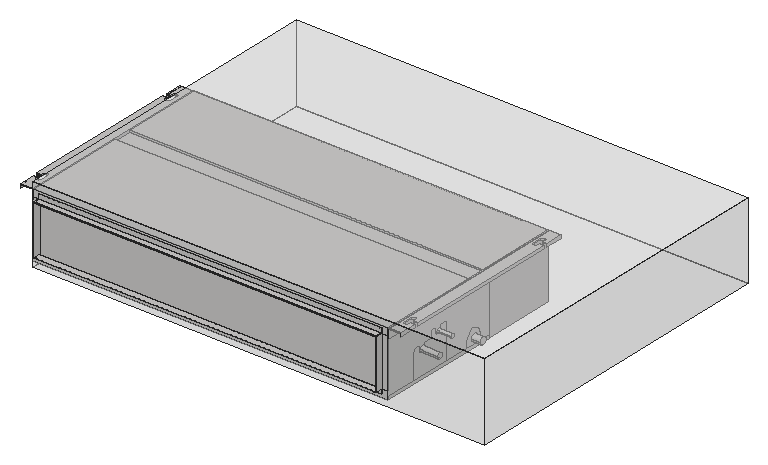
Revit family "outputfile", category 機械設備, Revit 2024
Family settings
  丸型コネクタ寸法 = 半径を使用
  パーツ タイプ = 標準
  OmniClass 番号 = 23.75.10.24.21.27.27
  OmniClass タイトル = Split System Air Conditioning Units
  作業面ベース = いいえ
  常に垂直 = はい
  ロード時にボイドで切り取り = いいえ
  注釈の向きを維持 = いいえ
  共有 = いいえ
  部屋計算ポイント = はい
Parameters (values of type "FDF18BV2S")
  Description = ""
  書き出し IFC クラス(タイプ) = "IfcUnitaryEquipmentType"
  定義済み IFC タイプ(タイプ) = "AIRCONDITIONINGUNIT"
  Cost = 0
  Type Comments = ""
  Keynote = ""
  Type Image = (empty or 0)
  Assembly Code = ""
  switch_frequency = yes
  ld_powersupply = Depth / 2  # 310.0 mm
  製造元 = "Daikin"
  モデル = "FDF18BV2S"
  r_Liquid Pipe Size = Liquid Pipe Size / 2  # 4.75 mm
  r_Gas Pipe Size = Gas Pipe Size / 2  # 7.95 mm
  r_Drain Pipe Size = Drain Pipe Size / 2  # 10.0 mm
  lw_powersupply = 50.0 mm  # constant formula
  lw_ductflange2 = 1020.0 mm
  lw_Width = 1060.0 mm
  lh_suctionflange [instance] = 100.0 mm  # constant formula
  ld_suctionflange [instance] = if(Rear Connection_Return Air, 190.0 mm, 100.0 mm)  # 190.0 mm
  connector_voltage = Voltage_50Hz  # 220 V
  connector_powerinput = [Power Input (Cooling)]  # 0.000 kW
  connector_phase = Phase_50Hz  # 1
  angle_vertical_RA [instance] = if(Rear Connection_Return Air, 90.00°, 0.00°)  # 90.00°
  angle horizontal_RA [instance] = if(Rear Connection_Return Air, 180.00°, 270.00°)  # 180.00°
  Voltage_comment_50Hz = "220 - 240"
  Voltage_50Hz = 220 V
  URL = ""
  Supply Air Direction [instance] = yes
  Sound Power Level_H speed (dB) = 0
  Rear Connection_Return Air [instance] = not(Bottom Connection_Return Air)  # yes
  RA_length [instance] = if(Rear Connection_Return Air, 190.0 mm, 100.0 mm)  # 190.0 mm
  Phase_50Hz = 1
  Minimum External Static Pressure = 0.00 Pa
  Minimum Circuit Amps_50Hz = 0.0 A
  Maximum Fuse Amps_50Hz = 0.0 A
  Maximum External Static Pressure = 40.00 Pa
  Material_Casing = DAIKIN_GalvanizedSteel_Casing_indoorunit
  lw_liquidpipe = 46.0 mm  # constant formula
  lw_gaspipe = 57.0 mm  # constant formula
  lw_mountinghole = 1140.0 mm
  lw_drainpipe = 30.0 mm  # constant formula
  lh_powersupply = 150.0 mm  # constant formula
  lh_liquidpipe = 90.0 mm  # constant formula
  lh_gaspipe = 113.0 mm  # constant formula
  lh_mountinghole = Height  # 200.0 mm
  lh_drainpipe = 170.0 mm  # constant formula
  lh_antena = 1.0 mm  # constant formula
  ld_liquidpipe = 193.0 mm  # constant formula
  ld_gaspipe = 130.0 mm  # constant formula
  ld_mountinghole = 500.0 mm  # constant formula
  ld_drainpipe = 330.0 mm  # constant formula
  ld_controlbox = 626.0 mm  # constant formula
  h*** = 0.0 mm  # constant formula
  d_dischargeflange = 21.2 mm  # constant formula
  Width = 1100.0 mm
  Version = "ver.1.0"
  Unit Type = "L.S.P. Duct"
  Unit Mass Weight = 30.00 kg
  Unit Designation [instance] = ""
  Uniclass2015Version = "Products v1.30"
  Uniclass2015Title = "Split coil room air conditioning units"
  Uniclass2015Code = "Pr_70_65_03_86"
  Total Cooling Capacity [instance] = 0.000 kW
  Sound Pressure Level_M speed (dBA) = 0
  Sound Pressure Level_L speed (dBA) = 34
  Sound Pressure Level_H speed (dBA) = 38
  Series = "SkyAir_Fan Coil Unit"
  Sensible Cooling Capacity [instance] = 0.000 kW
  SA Duct Size Width = 1060.0 mm
  SA Duct Size Height = 153.0 mm
  Refrigerant Type = "R32"
  RA Duct Size Width = 980.0 mm
  RA Duct Size Height = 160.0 mm
  Power Input (Cooling) = 0.000 kW
  Option Accessory 3 [instance] = ""
  Option Accessory 2 [instance] = ""
  Option Accessory 1 [instance] = ""
  Nominal Cooling Capacity = 5.300 kW
  Minimum Airflow = 810.00 m³/h
  Median Airflow = 0.00 m³/h
  Maximum Airflow = 960.00 m³/h
  Load Classification = HVAC
  Liquid Pipe Size = 9.5 mm
  Link_Nested Family [instance] = ""
  IfcVersion = ""
  IfcExportType = "AIRCONDITIONINGUNIT"
  IfcExportAs = "IfcUnitaryEquipmentType"
  Height = 200.0 mm
  Heat Exchanger Type = "Cross Fin Coil"
  Gas Pipe Size = 15.9 mm
  Frequency_50Hz = 50 Hz
  Fan Type = "Sirocco Fan"
  Fan Drive = "Direct Drive"
  FCU Tag No. [instance] = ""
  Drain Pipe Size = 20.0 mm
  Design Supply Airflow [instance] = 0.00 m³/h
  Design Return Airflow [instance] = 0.00 m³/h
  Design External Static Pressure [instance] = 0.00 Pa
  Depth = 620.0 mm
  既定の高さ = 0.0 mm
  Cooling Entering Wet Bulb Temperature [instance] = 0.00 °C
  Cooling Entering Dry Bulb Temperature [instance] = 0.00 °C
  Cooling Ambient Wet Bulb Temperature [instance] = 0.00 °C
  Cooling Ambient Dry Bulb Temperature [instance] = 0.00 °C
  Clearance visibility [instance] = yes
  Clearance Top = 20.0 mm
  Clearance Right = 300.0 mm
  Clearance Rear = 400.0 mm
  Clearance Left = 0.0 mm
  Clearance Front = 0.0 mm
  Clearance Bottom = 20.0 mm
  Bottom Connection_Return Air [instance] = no
Reference planes
  plane 1 "Center (Front/Back)": y = 0
  plane 2: z = 0
  plane 3 "Center (Left/Right)": x = 0
  plane 4 "Back": y = 310
  plane 5 "Front": y = -310
  plane 6 "Left": x = -550
  plane 7 "Right": x = 550
  plane 8 "Top": z = 0
  plane 9 "Bottom": z = -200
  plane 10: x = -570
  plane 11: x = 570
  plane 12: y = 250
  plane 13: z = 0
  plane 14 "Clearance Left": x = -550
  plane 15 "Clearance Right": x = 850
  plane 16 "Clearance Rear": y = 710
  plane 17 "Clearance Front": y = -310
  plane 18 "Clearance Top": z = 20
  plane 19 "Clearance Bottom": z = -220
  plane 20: y = -250
  plane 21: z = -21
  plane 22: z = -97.5
  plane 23: x = -40
  plane 24: y = 120
  plane 25: z = -100
  plane 26: y = -180
  plane 27: z = -113
  plane 28: y = -117
  plane 29: z = -90
  plane 30: y = 20
  plane 31: z = -170
  plane 32: x = 607
  plane 33: x = 596
  plane 34: x = 580
  plane 35: x = 500
  plane 36: z = -150
Forms (mm)
  Extrusion 1, solid, material "DAIKIN_GalvanizedSteel_Casing_indoorunit" <- "Material_Casing"
    sketch origin (0, 0, 0) x (1, 0, 0) y (0, 1, 0)
      loop
        line (-550, -310) -> (550, -310) -> (550, 310) -> (-550, 310) -> (-550, -310)
    from -200 to 0
  Extrusion 2, void
    sketch origin (0, 0, 1) x (1, 0, 0) y (0, 1, 0)
      loop
        line (-550, 61.5) -> (-550, 3.5) -> (550, 3.5) -> (550, 61.5) -> (-550, 61.5)
    from -1 to -7
  Extrusion 3, solid, material "DAIKIN_GalvanizedSteel_Casing_indoorunit" <- "Material_Casing", visible <- "Bottom Connection_Return Air"
    sketch origin (0, 0, 0) x (1, 0, 0) y (0, 0, 1)
      loop
        line (469, -200) -> (469, -1) -> (-549, -1) -> (-549, -200) -> (469, -200)
    from -310 to -309
  Extrusion 4, solid, material "DAIKIN_GalvanizedSteel_Casing_indoorunit" <- "Material_Casing", visible <- "Rear Connection_Return Air"
    sketch origin (0, 0, 0) x (1, 0, 0) y (0, 1, 0)
      loop
        line (-549, 310) -> (-549, 111) -> (469, 111) -> (469, 310) -> (-549, 310)
    from -200 to -199
  Extrusion 5, solid, material "DAIKIN_GalvanizedSteel_Casing_indoorunit" <- "Material_Casing"
    sketch origin (550, 0, 0) x (0, 1, 0) y (0, 0, 1)
      loop
        circle (-180, -113) r 7.95
    from 0 to 57
  Extrusion 6, solid, material "DAIKIN_GalvanizedSteel_Casing_indoorunit" <- "Material_Casing"
    sketch origin (550, 0, 0) x (0, 1, 0) y (0, 0, 1)
      loop
        circle (-117, -90) r 4.75
    from 0 to 46
  Extrusion 7, solid, material "DAIKIN_GalvanizedSteel_Casing_indoorunit" <- "Material_Casing"
    sketch origin (550, 0, 0) x (0, 1, 0) y (0, 0, 1)
      loop
        circle (20, -170) r 10
    from 0 to 30
  Extrusion 8, solid, material "DAIKIN_GalvanizedSteel_Casing_indoorunit" <- "Material_Casing"
    sketch origin (550, 0, 0) x (0, 1, 0) y (0, 0, 1)
      loop
        line (-310, -200) -> (78.6, -200) -> (78.6, -193)
        arc (78.6, -193) -> (77.721, -190.879) -> (75.6, -190) r 3
        line (75.6, -190) -> (-310, -190) -> (-310, -200)
    from 0 to -1
  Extrusion 9, solid, material "DAIKIN_GalvanizedSteel_Casing_indoorunit" <- "Material_Casing"
    sketch origin (550, 0, 0) x (0, 1, 0) y (0, 0, 1)
      loop
        line (-210, -190) -> (-85.6, -190) -> (-85.6, -83)
        arc (-85.6, -83) -> (-86.479, -80.879) -> (-88.6, -80) r 3
        line (-88.6, -80) -> (-102, -80)
        arc (-102, -80) -> (-104.121, -80.879) -> (-105, -83) r 3
        line (-105, -83) -> (-105, -90)
        arc (-105, -90) -> (-117, -102) -> (-129, -90) r 12
        line (-129, -90) -> (-129, -83)
        arc (-129, -83) -> (-129.879, -80.879) -> (-132, -80) r 3
        line (-132, -80) -> (-136.1, -80)
        arc (-136.1, -80) -> (-138.221, -80.879) -> (-139.1, -83) r 3
        line (-139.1, -83) -> (-139.1, -102.7) -> (-165, -102.7)
        arc (-165, -102.7) -> (-167.121, -103.579) -> (-168, -105.7) r 3
        line (-168, -105.7) -> (-168, -113)
        arc (-168, -113) -> (-180, -125) -> (-192, -113) r 12
        line (-192, -113) -> (-192, -105.7)
        arc (-192, -105.7) -> (-192.879, -103.579) -> (-195, -102.7) r 3
        line (-195, -102.7) -> (-207, -102.7)
        arc (-207, -102.7) -> (-209.121, -103.579) -> (-210, -105.7) r 3
        line (-210, -105.7) -> (-210, -190)
    from 0 to -1
  Extrusion 10, solid, material "DAIKIN_GalvanizedSteel_Casing_indoorunit" <- "Material_Casing"
    sketch origin (550, 0, 0) x (0, 1, 0) y (0, 0, 1)
      loop
        arc (44.5, -170) -> (20, -145.5) -> (-4.5, -170) r 24.5
        line (-4.5, -170) -> (-4.5, -190) -> (44.5, -190) -> (44.5, -170)
    from 0 to -1
  Extrusion 11, solid, material "DAIKIN_GalvanizedSteel_Casing_indoorunit" <- "Material_Casing"
    sketch origin (550, 0, 0) x (0, 1, 0) y (0, 0, 1)
      loop
        arc (86.6, -22) -> (84.479, -22.879) -> (83.6, -25) r 3
        line (83.6, -25) -> (83.6, -194.5)
        arc (83.6, -194.5) -> (84.479, -196.621) -> (86.6, -197.5) r 3
        line (86.6, -197.5) -> (307, -197.5)
        arc (307, -197.5) -> (309.121, -196.621) -> (310, -194.5) r 3
        line (310, -194.5) -> (310, -25)
        arc (310, -25) -> (309.121, -22.879) -> (307, -22) r 3
        line (307, -22) -> (86.6, -22)
    from 0 to -1
Cuts and joins
  Extrusion 2 cuts Extrusion 1
Dimensions and locks
  "Height": plane 8 "Top" to plane 9 "Bottom"
  equal spacing: plane 10, plane 3 "Center (Left/Right)", plane 11
  "lw_mountinghole": plane 10 to plane 11
  equal spacing: plane 6 "Left", plane 3 "Center (Left/Right)", plane 7 "Right"
  "Width": plane 6 "Left" to plane 7 "Right"
  "Clearance Right": plane 7 "Right" to plane 15 "Clearance Right"
  "Clearance Left": plane 14 "Clearance Left" to plane 6 "Left"
  "Clearance Rear": plane 16 "Clearance Rear" to plane 4 "Back"
  "Clearance Front": plane 5 "Front" to plane 17 "Clearance Front"
  "Clearance Top": plane 18 "Clearance Top" to plane 8 "Top"
  "Clearance Bottom": plane 9 "Bottom" to plane 19 "Clearance Bottom"
  "Depth": plane 4 "Back" to plane 5 "Front"
  equal spacing: plane 4 "Back", plane 1 "Center (Front/Back)", plane 5 "Front"
  Extrusion 3 sketch curve to Extrusion 3 sketch curve = 199.0 mm
  locked: plane 20 to plane 5 "Front" at 60
  "ld_mountinghole": plane 12 to plane 20
  locked: plane 8 "Top" to plane 21 at 21
  locked: plane 23 to plane 3 "Center (Left/Right)" at 40
  "ld_suctionflange": plane 4 "Back" to plane 24
  "lh_suctionflange": plane 8 "Top" to plane 25
  "ld_gaspipe": plane 26 to plane 5 "Front"
  "lh_gaspipe": plane 8 "Top" to plane 27
  "ld_liquidpipe": plane 28 to plane 5 "Front"
  "lh_liquidpipe": plane 8 "Top" to plane 29
  "ld_drainpipe": plane 30 to plane 5 "Front"
  "lh_drainpipe": plane 8 "Top" to plane 31
  "lw_gaspipe": plane 7 "Right" to plane 32
  "lw_liquidpipe": plane 7 "Right" to plane 33
  "lw_drainpipe": plane 7 "Right" to plane 34
  "lw_powersupply": plane 35 to plane 7 "Right"
  "lh_powersupply": plane 8 "Top" to plane 36
  "r_Gas Pipe Size": radius of Extrusion 5 sketch curve
  "r_Liquid Pipe Size": radius of Extrusion 6 sketch curve
  "r_Drain Pipe Size": radius of Extrusion 7 sketch curve
  aligned and locked: level to plane 2
  aligned and locked: Extrusion 1 to plane 9 "Bottom"
  aligned and locked: plane 8 "Top" to Extrusion 1
  aligned and locked: plane 11 to nested 2
  aligned and locked: plane 10 to nested 3
  aligned and locked: plane 10 to nested 4
  aligned and locked: plane 8 "Top" to Extrusion 2
  aligned and locked: plane 9 "Bottom" to Extrusion 4  (x2)
  aligned and locked: plane 7 "Right" to cut or joined group of Extrusion 1, Extrusion 2  (x2)
  aligned and locked: plane 3 "Center (Left/Right)" to nested 9
  aligned and locked: plane 6 "Left" to nested 7
  aligned and locked: plane 8 "Top" to nested 9
  aligned and locked: plane 11 to nested 1
  aligned and locked: nested 6 to plane 1 "Center (Front/Back)"
  aligned and locked: plane 3 "Center (Left/Right)" to nested 6
  aligned and locked: level to plane 8 "Top"
  aligned and locked: plane 1 "Center (Front/Back)" to nested 9
  aligned and locked: plane 5 "Front" to nested 10
  aligned and locked: Extrusion 1 sketch curve to plane 5 "Front"
  aligned and locked: plane 21 to nested 10
  aligned and locked: nested 5 to plane 5 "Front"
  aligned and locked: plane 3 "Center (Left/Right)" to nested 5
  aligned and locked: plane 22 to nested 5
  aligned and locked: Extrusion 2 sketch curve to plane 6 "Left"
  aligned and locked: plane 7 "Right" to Extrusion 2 sketch curve
  aligned and locked: nested 11 to plane 23
  aligned and locked: nested 11 to plane 24
  aligned and locked: plane 27 to Extrusion 5 sketch curve
  aligned and locked: plane 26 to Extrusion 5 sketch curve
  aligned and locked: plane 28 to Extrusion 6 sketch curve
  aligned and locked: plane 29 to Extrusion 6 sketch curve
  aligned and locked: plane 31 to Extrusion 7 sketch curve
  aligned and locked: plane 30 to Extrusion 7 sketch curve
  aligned and locked: plane 26 to nested 12
  aligned and locked: nested 12 to plane 27
  aligned and locked: plane 32 to Extrusion 5
  aligned and locked: plane 32 to nested 12
  aligned and locked: plane 33 to Extrusion 6
  aligned and locked: plane 28 to nested 13
  aligned and locked: nested 13 to plane 29
  aligned and locked: plane 33 to nested 13
  aligned and locked: plane 34 to Extrusion 7
  aligned and locked: plane 30 to nested 14
  aligned and locked: nested 14 to plane 31
  aligned and locked: plane 34 to nested 14
  aligned and locked: Extrusion 8 sketch curve to plane 9 "Bottom"
  aligned and locked: Extrusion 8 sketch curve to plane 5 "Front"
  aligned and locked: plane 14 "Clearance Left" to nested 15
  aligned and locked: plane 15 "Clearance Right" to nested 15
  aligned and locked: plane 16 "Clearance Rear" to nested 15
  aligned and locked: nested 15 to plane 17 "Clearance Front"
  aligned and locked: nested 15 to plane 18 "Clearance Top"
  aligned and locked: nested 15 to plane 19 "Clearance Bottom"
  aligned and locked: nested 16 to plane 35
  aligned and locked: nested 16 to plane 36
  aligned and locked: plane 4 "Back" to nested 16
Automatic sketch dimensions
  Extrusion 1 sketch curve to plane 4 "Back" = 0.0 mm
  Extrusion 1 sketch curve to plane 6 "Left" = 0.0 mm
  Extrusion 1 sketch curve to plane 7 "Right" = 0.0 mm
  Extrusion 4 sketch curve to plane 4 "Back" = 0.0 mm
  plane 6 "Left" to Extrusion 3 sketch curve = 1.0 mm
  plane 6 "Left" to Extrusion 4 sketch curve = 1.0 mm
  Extrusion 4 sketch curve to plane 1 "Center (Front/Back)" = 111.0 mm
  Extrusion 3 sketch curve to plane 9 "Bottom" = 0.0 mm
  Extrusion 3 sketch curve to plane 7 "Right" = 81.0 mm
  Extrusion 4 sketch curve to plane 7 "Right" = 81.0 mm
  Extrusion 2 sketch curve to plane 1 "Center (Front/Back)" = 3.5 mm
  Extrusion 2 sketch curve to Extrusion 2 sketch curve = 58.0 mm
  plane 9 "Bottom" to Extrusion 8 sketch curve = 7.0 mm
  Extrusion 8 sketch curve to plane 24 = 44.4 mm
  Extrusion 8 sketch curve to Extrusion 8 sketch curve = 3.0 mm
  Extrusion 9 sketch curve to plane 27 = 0.0 mm
  Extrusion 9 sketch curve to plane 26 = 0.0 mm
  Extrusion 9 sketch curve to plane 29 = 0.0 mm
  Extrusion 9 sketch curve to plane 28 = 0.0 mm
  Extrusion 9 sketch curve to plane 26 = 12.0 mm
  Extrusion 9 sketch curve to plane 25 = 2.7 mm  (x2)
  Extrusion 9 sketch curve to Extrusion 9 sketch curve = 3.0 mm  (x6)
  Extrusion 9 sketch curve to Extrusion 9 sketch curve = 12.0 mm
  plane 9 "Bottom" to Extrusion 9 sketch curve = 10.0 mm
  Extrusion 9 sketch curve to plane 26 = 30.0 mm
  Extrusion 9 sketch curve to plane 28 = 22.1 mm
  Extrusion 9 sketch curve to Extrusion 9 sketch curve = 4.1 mm
  plane 29 to Extrusion 9 sketch curve = 7.0 mm  (x2)
  Extrusion 9 sketch curve to Extrusion 9 sketch curve = 13.4 mm
  Extrusion 10 sketch curve to plane 30 = 0.0 mm
  Extrusion 10 sketch curve to plane 31 = 0.0 mm
  plane 1 "Center (Front/Back)" to Extrusion 10 sketch curve = 4.5 mm
  plane 9 "Bottom" to Extrusion 10 sketch curve = 10.0 mm
  Extrusion 11 sketch curve to plane 4 "Back" = 0.0 mm
  Extrusion 11 sketch curve to Extrusion 11 sketch curve = 3.0 mm  (x3)
  Extrusion 11 sketch curve to plane 21 = 1.0 mm
  Extrusion 11 sketch curve to plane 21 = 4.0 mm
  Extrusion 11 sketch curve to plane 24 = 33.4 mm
  plane 9 "Bottom" to Extrusion 11 sketch curve = 5.5 mm
Nested families
  nested 1: "daikin_mountinghole" at (570, 250, -200), l_antenna <- "lh_antena", Link_Nested Family <- "Link_Nested Family", h_mountinghole <- "lh_mountinghole", type "daikin_mountinghole"
    with show yes, l_antenna 1.0 mm, h_mountinghole 200.0 mm, Link_Nested Family ""
  nested 2: "daikin_mountinghole" at (570, -250, -200), Link_Nested Family <- "Link_Nested Family", l_antenna <- "lh_antena", h_mountinghole <- "lh_mountinghole", type "daikin_mountinghole"
    with show yes, l_antenna 1.0 mm, h_mountinghole 200.0 mm, Link_Nested Family ""
  nested 3: "daikin_mountinghole" at (-570, -250, -200), l_antenna <- "lh_antena", Link_Nested Family <- "Link_Nested Family", h_mountinghole <- "lh_mountinghole", type "daikin_mountinghole"
    with show yes, l_antenna 1.0 mm, h_mountinghole 200.0 mm, Link_Nested Family ""
  nested 4: "daikin_mountinghole" at (-570, 250, -200), l_antenna <- "lh_antena", Link_Nested Family <- "Link_Nested Family", h_mountinghole <- "lh_mountinghole", type "daikin_mountinghole"
    with show yes, l_antenna 1.0 mm, h_mountinghole 200.0 mm, Link_Nested Family ""
  nested 5: "daikin_connector_rotate2" at (0, -310, -97.5), length <- "d_dischargeflange", type "daikin_connector_rotate2"
    with radius 10.0 mm, length 21.2 mm, angle_vertical 90.00°, show_face no
  nested 6: "daikin_△_symbolicline" at (-75, -129.904, 200) x (-0.5, 0.866, 0) z (0, 0, 1), built-in parameter 1001364 <- "Height", visible <- "Supply Air Direction", type "daikin_△_symbolicline"
    with length 300.0 mm
  nested 7: "daikin_ductflange_FDF-BV2S_1" at (-40, 310, -100), visible <- "Rear Connection_Return Air", material <- "Material_Casing", width <- "lw_ductflange2", type "daikin_ductflange_FDF-BV2S_1"
    with width 1020.0 mm, material DAIKIN_GalvanizedSteel_Casing_indoorunit, height 180.0 mm, depth 21.2 mm
  nested 8: "daikin_ductflange_FDF-BV2S_1" at (-40, 210, -200) x (1, 0, 0) z (0, 1, 0), visible <- "Bottom Connection_Return Air", material <- "Material_Casing", width <- "lw_ductflange2", type "daikin_ductflange_FDF-BV2S_1"
    with width 1020.0 mm, material DAIKIN_GalvanizedSteel_Casing_indoorunit, height 180.0 mm, depth 21.2 mm
  nested 9: "daikin_hangerfixture_FDF-BV2S" at (0, 0, 0), type "daikin_hangerfixture_FDF-BV2S"
    with width 1100.0 mm
  nested 10: "daikin_ductflange_FDF-BV2S" at (0, 3.5, -364.201), width <- "lw_Width", material <- "Material_Casing", type "daikin_ductflange_FDF-BV2S"
    with width 1060.0 mm, material DAIKIN_GalvanizedSteel_Casing_indoorunit, height 155.0 mm, depth 21.2 mm
  nested 11: "daikin_connector_rotate3" at (-40, 120, -100), length <- "RA_length", angle_vertical <- "angle_vertical_RA", angle_horizontal <- "angle horizontal_RA", type "daikin_connector_rotate3"
    with show no, radius 10.0 mm, length 190.0 mm, angle_vertical 90.00°, angle_horizontal 180.00°
  nested 12: "daikin_connector_rotate2" at (550, -180, -113) x (0, 1, 0) z (0, 0, 1), length <- "lw_gaspipe", radius <- "r_Gas Pipe Size", type "daikin_connector_rotate2"
    with radius 7.95 mm, length 57.0 mm, angle_vertical 90.00°, show_face no
  nested 13: "daikin_connector_rotate2" at (550, -117, -90) x (0, 1, 0) z (0, 0, 1), radius <- "r_Liquid Pipe Size", length <- "lw_liquidpipe", type "daikin_connector_rotate2"
    with radius 4.75 mm, length 46.0 mm, angle_vertical 90.00°, show_face no
  nested 14: "daikin_connector_rotate2" at (550, 20, -170) x (0, 1, 0) z (0, 0, 1), radius <- "r_Drain Pipe Size", length <- "lw_drainpipe", type "daikin_connector_rotate2"
    with radius 10.0 mm, length 30.0 mm, angle_vertical 90.00°, show_face no
  nested 15: "daikin_clearancespace" at (150, 200, -99.881), visible <- "Clearance visibility", Link_Nested Family <- "Link_Nested Family", show <- "Clearance visibility", type "daikin_clearancespace"
    with width 1400.0 mm, show yes, height 240.0 mm, depth 1020.0 mm, Link_Nested Family ""
  nested 16: "daikin_connector_rotate2" at (500, 0, -150) x (-1, 0, 0) z (0, 0, 1), length <- "ld_powersupply", type "daikin_connector_rotate2"
    with radius 10.0 mm, length 310.0 mm, angle_vertical 90.00°, show_face no
Connectors
  hvac at (0, -331.2, -97.5), driven by "SA Duct Size Height", driven by "SA Duct Size Width"
    settings: on nested 5, index 1, duct flow 0.00 m³/h, flow factor 0, pres drop 0.00 Pa, loss coef 0, conn angle 0.00°, conn width 1060.0 mm, conn height 153.0 mm, conn diameter 609.6 mm, duct sys type 1, conn prof type 1, flow config 0, flow direction 2, loss method 4, conn ref index -1, conn util no, is conn primary yes, conn desc "SA Duct"
  hvac at (-40, 310, -100), driven by "RA Duct Size Height", driven by "RA Duct Size Width"
    settings: on nested 11, index 2, duct flow 0.00 m³/h, flow factor 0, pres drop 0.00 Pa, loss coef 0, conn angle 0.00°, conn width 980.0 mm, conn height 160.0 mm, conn diameter 609.6 mm, duct sys type 2, conn prof type 1, flow config 0, flow direction 1, loss method 4, conn ref index -1, conn util no, is conn primary no, conn desc "RA Duct"
  piping at (607, -180, -113), diameter 15.9, driven by "r_Gas Pipe Size"
    settings: on nested 12, index 3, connector inside diameter 609.6 mm, connector length 0.0 mm, flow factor 0, pipe flow 0.00 m³/h, pressure drop 0.0 Pa, fitting loss kfactor 0, connector angle 0.00°, fixture units 0, engagement length 0.0 mm, angle of deflection 0.00°, flow configuration 1, flow direction 2, fitting loss method 0, system type 29, joint type 0, gender type 0, connector reference index -1, connector utility 0, adjustable connector no, is connector primary yes, connector description "Refrigerant Gas Piping"
  piping at (596, -117, -90), diameter 9.5, driven by "r_Liquid Pipe Size"
    settings: on nested 13, index 4, connector inside diameter 609.6 mm, connector length 0.0 mm, flow factor 0, pipe flow 0.00 m³/h, pressure drop 0.0 Pa, fitting loss kfactor 0, connector angle 0.00°, fixture units 0, engagement length 0.0 mm, angle of deflection 0.00°, flow configuration 1, flow direction 1, fitting loss method 0, system type 29, joint type 0, gender type 0, connector reference index -1, connector utility 0, adjustable connector no, is connector primary no, connector description "Refrigerant Liquid Piping"
  piping at (580, 20, -170), diameter 20, driven by "r_Drain Pipe Size"
    settings: on nested 14, index 5, connector inside diameter 609.6 mm, connector length 0.0 mm, flow factor 0, pipe flow 0.00 m³/h, pressure drop 0.0 Pa, fitting loss kfactor 0, connector angle 0.00°, fixture units 0, engagement length 0.0 mm, angle of deflection 0.00°, flow configuration 1, flow direction 2, fitting loss method 4, system type 16, joint type 0, gender type 0, connector reference index -1, connector utility 0, adjustable connector no, is connector primary no, connector description "Condensate Drain Piping"
  electrical at (500, 310, -150), driven by "Load Classification", driven by "connector_powerinput", driven by "connector_phase", driven by "connector_voltage"
    settings: on nested 16, index 6, voltage 220 V, apparent load 0 VA, apparent load phase1 0 VA, apparent load phase2 0 VA, apparent load phase3 0 VA, power factor 1, load classification "HVAC", number of poles 1, system type 30, power factor state 1, is connector primary yes, connector utility no, sub classification motor no, connector description "Power Supply"
Definition of nested family "daikin_ductflange_FDF-BV2S_1"
  Parameters (values of type "daikin_ductflange_FDF-BV2S_1")
    width [instance] = 620.0 mm
    material [instance] = none
    height [instance] = 180.0 mm
    depth [instance] = 21.2 mm
    Default Elevation = 0.0 mm
  Reference planes
    plane 1 "Center (Front/Back)": y = 0
    plane 2: z = 0
    plane 3 "Center (Left/Right)": x = 0
    plane 4: x = -310
    plane 5: x = 310
    plane 6: z = 90
    plane 7: z = -90
    plane 8: z = 100
    plane 9: z = -100
    plane 10: x = -309
    plane 11: x = 309
  Forms (mm)
    Extrusion 1, solid, material <- "material"
      sketch origin (0, 0, 0) x (1, 0, 0) y (0, 0, 1)
        loop
          line (-290, 80) -> (-290, -80) -> (290, -80) -> (290, 80) -> (-290, 80)
        loop
          line (-309, -99) -> (309, -99) -> (309, 99) -> (-309, 99) -> (-309, -99)
      from 0 to 1
  Dimensions and locks
    equal spacing: plane 5, plane 3 "Center (Left/Right)", plane 4, locked at 310 each
    "width": plane 5 to plane 4
    equal spacing: plane 6, level, plane 7, locked at 90 each
    "height": plane 6 to plane 7
    equal spacing: plane 8, level, plane 9, locked at 100 each
    locked: plane 8 to plane 9 at 200
    plane 10 to plane 4 = 1.0 mm
    locked: plane 5 to plane 11 at 1
    locked: Extrusion 1 sketch curve to Extrusion 1 sketch curve at 19  (x4)
    plane 8 to Extrusion 1 sketch curve = 1.0 mm
    locked: Extrusion 1 sketch curve to plane 9 at 1
    aligned and locked: level to plane 2
  Automatic sketch dimensions
    plane 4 to Extrusion 1 sketch curve = 1.0 mm
    Extrusion 1 sketch curve to plane 5 = 1.0 mm
Definition of nested family "daikin_hangerfixture_FDF-BV2S"
  Parameters (values of type "daikin_hangerfixture_CDKS-EAVMA")
    width = 700.0 mm
    material = none
    height = 30.0 mm
    depth = 618.0 mm
    Default Elevation = 0.0 mm
  Reference planes
    plane 1 "Center (Front/Back)": y = 0
    plane 2: z = 0
    plane 3 "Center (Left/Right)": x = 0
    plane 4: x = 350
    plane 5: y = 309
    plane 6: y = -309
    plane 7: x = -350
    plane 8: z = -30
  Forms (mm)
    Extrusion 1, solid, material <- "material"
      sketch origin (0, 0, 0) x (1, 0, 0) y (0, 0, 1)
        loop
          line (350, 0) -> (350, -30) -> (352.3, -30) -> (352.3, -2.3) -> (387.7, -2.3) -> (387.7, -10) -> (390, -10) -> (390, 0) -> (350, 0)
      from -309 to 309
    Extrusion 2, void
      sketch origin (0, 0, 0) x (0, 1, 0) y (0, 0, 1)
        loop
          line (309, -30) -> (309, -17.979) -> (87.935, -17.979) -> (75.914, -30) -> (309, -30)
      from 0 to 450
    Extrusion 3, void
      sketch origin (0, 0, 0) x (1, 0, 0) y (0, 1, 0)
        loop
          line (390, -243.5) -> (377, -243.5) -> (377, -237)
          arc (377, -237) -> (370, -230) -> (363, -237) r 7
          line (363, -237) -> (363, -263)
          arc (363, -263) -> (370, -270) -> (377, -263) r 7
          line (377, -263) -> (377, -256.5) -> (390, -256.5) -> (390, -243.5)
        loop
          line (390, 243.5) -> (390, 256.5) -> (377, 256.5) -> (377, 263)
          arc (377, 263) -> (370, 270) -> (363, 263) r 7
          line (363, 263) -> (363, 237)
          arc (363, 237) -> (370, 230) -> (377, 237) r 7
          line (377, 237) -> (377, 243.5) -> (390, 243.5)
      from -254.96 to 618
    Extrusion 4, solid, material <- "material"
      sketch origin (0, 0, 0) x (-1, 0, 0) y (0, 0, -1)
        loop
          line (350, 0) -> (390, 0) -> (390, 10) -> (387.7, 10) -> (387.7, 2.3) -> (352.3, 2.3) -> (352.3, 30) -> (350, 30) -> (350, 0)
      from -309 to 309
    Extrusion 5, void
      sketch origin (0, 0, 0) x (-1, 0, 0) y (0, -1, 0)
        loop
          line (390, 243.5) -> (390, 256.5) -> (377, 256.5) -> (377, 263)
          arc (377, 263) -> (370, 270) -> (363, 263) r 7
          line (363, 263) -> (363, 237)
          arc (363, 237) -> (370, 230) -> (377, 237) r 7
          line (377, 237) -> (377, 243.5) -> (390, 243.5)
        loop
          line (390, -243.5) -> (377, -243.5) -> (377, -237)
          arc (377, -237) -> (370, -230) -> (363, -237) r 7
          line (363, -237) -> (363, -263)
          arc (363, -263) -> (370, -270) -> (377, -263) r 7
          line (377, -263) -> (377, -256.5) -> (390, -256.5) -> (390, -243.5)
      from -254.96 to 618
  Cuts and joins
    Extrusion 2, Extrusion 3, Extrusion 5 cuts Extrusion 1
    Extrusion 5 cuts Extrusion 4
  Dimensions and locks
    equal spacing: plane 5, plane 1 "Center (Front/Back)", plane 6
    "depth": plane 5 to plane 6
    plane 6 to plane 1 "Center (Front/Back)" to plane 5 = 309.0 mm, 309.0 mm
    equal spacing: plane 4, plane 3 "Center (Left/Right)", plane 7
    "width": plane 4 to plane 7
    "height": level to plane 8
    aligned and locked: level to plane 2
    aligned and locked: plane 5 to Extrusion 1
    aligned and locked: Extrusion 1 to plane 6
    aligned and locked: Extrusion 1 to plane 4
    aligned and locked: plane 5 to cut or joined group of Extrusion 1, Extrusion 2, Extrusion 3, Extrusion 5
    aligned and locked: cut or joined group of Extrusion 1, Extrusion 2, Extrusion 3, Extrusion 5 to plane 6
    aligned and locked: level to cut or joined group of Extrusion 1, Extrusion 2, Extrusion 3, Extrusion 5
    aligned and locked: cut or joined group of Extrusion 1, Extrusion 2, Extrusion 3, Extrusion 5 to plane 8
    aligned and locked: plane 5 to cut or joined group of Extrusion 4, Extrusion 5
    aligned and locked: cut or joined group of Extrusion 4, Extrusion 5 to plane 6
  Automatic sketch dimensions
    Extrusion 1 sketch curve to plane 4 = 0.0 mm
    Extrusion 1 sketch curve to plane 8 = 0.0 mm
    Extrusion 1 sketch curve to level = 0.0 mm
    plane 4 to Extrusion 1 sketch curve = 2.3 mm
    Extrusion 1 sketch curve to level = 2.3 mm
    Extrusion 1 sketch curve to Extrusion 1 sketch curve = 35.4 mm
    Extrusion 1 sketch curve to Extrusion 1 sketch curve = 2.3 mm
    Extrusion 1 sketch curve to Extrusion 1 sketch curve = 7.7 mm
    Extrusion 2 sketch curve to plane 8 = 0.0 mm
    Extrusion 2 sketch curve to plane 5 = 0.0 mm
    plane 8 to Extrusion 2 sketch curve = 12.021 mm
    Extrusion 2 sketch curve to plane 1 "Center (Front/Back)" = 87.935 mm
    Extrusion 2 sketch curve to Extrusion 2 sketch curve = 12.021 mm
    plane 4 to Extrusion 3 sketch curve = 13.0 mm  (x2)
    Extrusion 3 sketch curve to Extrusion 3 sketch curve = 7.0 mm  (x4)
    Extrusion 3 sketch curve to Extrusion 3 sketch curve = 13.0 mm  (x4)
    plane 6 to Extrusion 3 sketch curve = 46.0 mm
    Extrusion 3 sketch curve to Extrusion 3 sketch curve = 6.5 mm  (x4)
    Extrusion 3 sketch curve to plane 5 = 72.0 mm
    Extrusion 4 sketch curve to plane 7 = 0.0 mm
    Extrusion 4 sketch curve to plane 8 = 0.0 mm
    Extrusion 4 sketch curve to level = 0.0 mm
    Extrusion 4 sketch curve to plane 7 = 2.3 mm
    Extrusion 4 sketch curve to level = 2.3 mm
    Extrusion 4 sketch curve to Extrusion 4 sketch curve = 35.4 mm
    Extrusion 4 sketch curve to Extrusion 4 sketch curve = 2.3 mm
    Extrusion 4 sketch curve to Extrusion 4 sketch curve = 7.7 mm
    Extrusion 5 sketch curve to plane 7 = 13.0 mm  (x2)
    Extrusion 5 sketch curve to Extrusion 5 sketch curve = 7.0 mm  (x4)
    Extrusion 5 sketch curve to Extrusion 5 sketch curve = 13.0 mm  (x4)
    Extrusion 5 sketch curve to plane 5 = 46.0 mm
    Extrusion 5 sketch curve to Extrusion 5 sketch curve = 6.5 mm  (x4)
    plane 6 to Extrusion 5 sketch curve = 72.0 mm
Definition of nested family "daikin_ductflange_FDF-BV2S"
  Parameters (values of type "daikin_ductflange_FXDQ-NDVET")
    width [instance] = 660.0 mm
    material [instance] = none
    height [instance] = 155.0 mm
    depth [instance] = 21.2 mm
    Default Elevation = 0.0 mm
  Reference planes
    plane 1 "Center (Front/Back)": y = 0
    plane 2: z = 189.201
    plane 3 "Center (Left/Right)": x = 0
    plane 4: y = -313.5
    plane 5: x = -330
    plane 6: x = 330
    plane 7: y = -334.7
    plane 8: z = 344.201
    plane 9: z = 266.701
    plane 10: z = 343.201
    plane 11: z = 190.201
  Forms (mm)
    Extrusion 1, solid, material <- "material"
      sketch origin (0, 0, 189.201) x (1, 0, 0) y (0, 1, 0)
        loop
          line (-330, -334.7) -> (-330, -313.5) -> (-350, -313.5) -> (-350, -314.5) -> (-331, -314.5) -> (-331, -334.7) -> (-330, -334.7)
        loop
          line (330, -334.7) -> (331, -334.7) -> (331, -314.5) -> (350, -314.5) -> (350, -313.5) -> (330, -313.5) -> (330, -334.7)
      from 1 to 154
    Extrusion 2, solid, material <- "material"
      sketch origin (0, 0, 0) x (0, 1, 0) y (0, 0, 1)
        loop
          line (-313.5, 343.201) -> (-313.5, 358.201) -> (-314.5, 358.201) -> (-314.5, 344.201) -> (-334.7, 344.201) -> (-334.7, 343.201) -> (-313.5, 343.201)
        loop
          line (-313.5, 190.201) -> (-334.7, 190.201) -> (-334.7, 189.201) -> (-314.5, 189.201) -> (-314.5, 175.201) -> (-313.5, 175.201) -> (-313.5, 190.201)
      from -330 to 330
  Dimensions and locks
    plane 4 to plane 1 "Center (Front/Back)" = 313.5 mm
    "depth": plane 7 to plane 4
    equal spacing: plane 8, plane 9, level
    "height": plane 8 to level
    equal spacing: plane 6, plane 3 "Center (Left/Right)", plane 5
    "width": plane 6 to plane 5
    locked: plane 8 to plane 10 at 1
    locked: plane 11 to level at 1
    locked: Extrusion 1 to Extrusion 2 sketch curve at 1
    locked: Extrusion 2 sketch curve to Extrusion 1 at 1
    plane 10 to plane 11 = 153.0 mm
    aligned and locked: level to plane 2
    aligned and locked: Extrusion 2 to plane 5
    aligned and locked: Extrusion 2 to plane 11
    aligned and locked: Extrusion 2 to plane 10
    aligned and locked: plane 6 to Extrusion 2
    aligned and locked: plane 5 to Extrusion 2  (x2)
    aligned and locked: plane 5 to Extrusion 1  (x2)
    aligned and locked: Extrusion 1 to plane 6
    aligned and locked: plane 6 to Extrusion 1
    aligned and locked: Extrusion 1 to plane 10
  Automatic sketch dimensions
    Extrusion 2 sketch curve to plane 7 = 0.0 mm  (x2)
    Extrusion 2 sketch curve to plane 4 = 0.0 mm  (x2)
    Extrusion 2 sketch curve to plane 11 = 0.0 mm
    Extrusion 2 sketch curve to plane 10 = 0.0 mm
    Extrusion 2 sketch curve to plane 4 = 1.0 mm  (x2)
    Extrusion 2 sketch curve to level = 14.0 mm
    plane 8 to Extrusion 2 sketch curve = 14.0 mm
    Extrusion 1 sketch curve to plane 4 = 0.0 mm  (x2)
    Extrusion 1 sketch curve to plane 7 = 0.0 mm  (x2)
    Extrusion 1 sketch curve to plane 5 = 0.0 mm
    Extrusion 1 sketch curve to plane 6 = 0.0 mm
    Extrusion 1 sketch curve to plane 5 = 1.0 mm
    Extrusion 1 sketch curve to Extrusion 1 sketch curve = 19.0 mm  (x2)
    Extrusion 1 sketch curve to Extrusion 1 sketch curve = 1.0 mm
    Extrusion 1 sketch curve to plane 4 = 1.0 mm  (x2)
Definition of nested family "daikin_clearancespace"
  Parameters (values of type "daikin_clearancespace")
    Description = "daikin_clearancespace"
    width [instance] = 1823.963 mm
    show [instance] = yes
    material = none
    height [instance] = 1359.762 mm
    depth [instance] = 880.0 mm
    Default Elevation = 0.0 mm
    Link_Nested Family [instance] = ""
  Reference planes
    plane 1 "Center (Front/Back)": y = 0
    plane 2 "Center (Elevation)": z = -0.119
    plane 3 "Center (Left/Right)": x = 0
    plane 4: y = 440
    plane 5: y = -440
    plane 6 "Right": x = 911.982
    plane 7 "Left": x = -911.982
    plane 8 "Top": z = 679.762
    plane 9 "Bottom": z = -680
  Forms (mm)
    Extrusion 1, solid, material <- "material", visible <- "show"
      sketch origin (0, 0, 0) x (1, 0, 0) y (0, 1, 0)
        loop
          line (-911.982, 440) -> (-911.982, -440) -> (911.982, -440) -> (911.982, 440) -> (-911.982, 440)
      from -680 to 679.762
  Lines and regions (mm)
    symbolic lines, visible <- "show"
      curve 1: line (911.982, 440, 0) -> (-911.982, 440, 0)
      curve 2: line (-911.982, 440, 0) -> (-911.982, -440, 0)
      curve 3: line (-911.982, -440, 0) -> (911.982, -440, 0)
      curve 4: line (911.982, -440, 0) -> (911.982, 440, 0)
      curve 5: line (911.982, 0, 679.762) -> (-911.982, 0, 679.762)
      curve 6: line (911.982, 0, -680) -> (911.982, 0, 679.762)
      curve 7: line (-911.982, 0, -680) -> (911.982, 0, -680)
      curve 8: line (-911.982, 0, 679.762) -> (-911.982, 0, -680)
      curve 9: line (0, 440, 679.762) -> (0, -440, 679.762)
      curve 10: line (0, -440, 679.762) -> (0, -440, -680)
      curve 11: line (0, 440, -680) -> (0, 440, 679.762)
      curve 12: line (0, -440, -680) -> (0, 440, -680)
  Dimensions and locks
    "width": plane 7 "Left" to plane 6 "Right"
    "depth": plane 4 to plane 5
    "height": plane 8 "Top" to plane 9 "Bottom"
    equal spacing: plane 7 "Left", plane 3 "Center (Left/Right)", plane 6 "Right"
    equal spacing: plane 4, plane 1 "Center (Front/Back)", plane 5
    equal spacing: plane 8 "Top", plane 2 "Center (Elevation)", plane 9 "Bottom"
    aligned and locked: level to plane 2 "Center (Elevation)"
    aligned and locked: Extrusion 1 sketch curve to plane 4
    aligned and locked: plane 7 "Left" to Extrusion 1 sketch curve
    aligned and locked: Extrusion 1 sketch curve to plane 5
    aligned and locked: Extrusion 1 sketch curve to plane 6 "Right"
    aligned and locked: plane 8 "Top" to Extrusion 1
    aligned and locked: curve 1 to Extrusion 1
    aligned and locked: curve 2 to Extrusion 1
    aligned and locked: curve 3 to Extrusion 1
    aligned and locked: curve 4 to Extrusion 1
    aligned and locked: curve 5 to Extrusion 1
    aligned and locked: curve 6 to Extrusion 1
    aligned and locked: curve 7 to Extrusion 1
    aligned and locked: curve 8 to Extrusion 1
    aligned and locked: curve 9 to Extrusion 1
    aligned and locked: curve 10 to Extrusion 1
    aligned and locked: curve 11 to Extrusion 1
    aligned and locked: curve 12 to Extrusion 1
    aligned and locked: Extrusion 1 to plane 9 "Bottom"
Definition of nested family "daikin_mountinghole"
  Parameters (values of type "daikin_mountinghole")
    Default Elevation = 1219.2 mm
    Type Comments = "mountinghole"
    show [instance] = yes
    material = none
    l_centerline = 100.0 mm
    l_antenna [instance] = 100.0 mm
    h_mountinghole [instance] = 0.0 mm
    d_circle = 30.0 mm
    Link_Nested Family [instance] = ""
  Reference planes
    plane 1 "Center (Front/Back)": y = 0
    plane 2: z = 0
    plane 3 "Center (Left/Right)": x = 0
    plane 4: y = 50
    plane 5: x = -50
    plane 6: x = 50
    plane 7: y = -50
    plane 8 "h_mountinghole": z = 0
    plane 9: z = 100
  Lines and regions (mm)
    model lines, detail levels fine
      curve 1: circle (0, 0, 0) r 15 normal (0, 0, 1)
      curve 2: line (-50, 0, 0) -> (50, 0, 0)
      curve 3: line (0, 50, 0) -> (0, -50, 0)
    symbolic lines, detail levels fine
      curve 4: circle (0, 0, 0) r 15 normal (0, 0, 1)
      curve 5: line (-50, 0, 0) -> (50, 0, 0)
      curve 6: line (0, 50, 0) -> (0, -50, 0)
    model lines
      curve 7: line (0, 0, 100) -> (0, 0, 0)
  Dimensions and locks
    equal spacing: plane 4, plane 1 "Center (Front/Back)", plane 7
    "l_centerline": plane 4 to plane 7
    equal spacing: plane 5, plane 3 "Center (Left/Right)", plane 6
    "l_centerline": plane 5 to plane 6
    "l_antenna": plane 9 to plane 8 "h_mountinghole"
    "h_mountinghole": plane 8 "h_mountinghole" to plane 2
    "d_circle": diameter of curve 1
    "d_circle": diameter of curve 4
    aligned and locked: level to plane 2
    aligned and locked: plane 1 "Center (Front/Back)" to curve 1
    aligned and locked: plane 3 "Center (Left/Right)" to curve 1
    aligned and locked: plane 1 "Center (Front/Back)" to curve 2
    aligned and locked: curve 3 to plane 3 "Center (Left/Right)"
    aligned and locked: plane 6 to curve 2
    aligned and locked: plane 5 to curve 2
    aligned and locked: plane 4 to curve 3
    aligned and locked: plane 7 to curve 3
    aligned and locked: plane 1 "Center (Front/Back)" to curve 4
    aligned and locked: plane 3 "Center (Left/Right)" to curve 4
    aligned and locked: plane 6 to curve 5
    aligned and locked: plane 5 to curve 5
    aligned and locked: plane 1 "Center (Front/Back)" to curve 5
    aligned and locked: plane 4 to curve 6
    aligned and locked: plane 7 to curve 6
    aligned and locked: curve 6 to plane 3 "Center (Left/Right)"
    aligned and locked: curve 7 to plane 3 "Center (Left/Right)"
    aligned and locked: plane 9 to curve 7
    aligned and locked: plane 8 "h_mountinghole" to curve 7
Definition of nested family "daikin_connector_rotate2"
  Parameters (values of type "daikin_connector_rotate2")
    show_face = yes
    radius [instance] = 10.0 mm
    length [instance] = 600.0 mm
    d_surface = 10.0 mm
    angle_vertical [instance] = 90.00°
    Default Elevation = 0.0 mm
  Reference planes
    plane 1 "Center (Front/Back)": y = 0
    plane 2: z = 0
    plane 3 "Center (Left/Right)": x = 0
  Forms (mm)
    Extrusion 1, solid, visible <- "show_face"
      sketch origin (0, -600, 0) x (1, 0, 0) y (0, 0, 1)
        loop
          circle (0, 0) r 10
      from 0 to -10
  Lines and regions (mm)
    reference lines
      curve 1: line (0, 0, 0) -> (0, -600, 0)
    symbolic lines
      curve 2: circle (0, 0, 0) r 5 normal (0, 0, 1)
    model lines, visible <- "show_face"
      curve 3: line (0, 0, 0) -> (0, -600, 0)
  Dimensions and locks
    "length": curve 1 to curve 1
    "length": curve 3 to curve 3
    "d_surface": Extrusion 1 to Extrusion 1
    "radius": radius of Extrusion 1 sketch curve
    "angle_vertical": angle curve 1 to plane 1 "Center (Front/Back)"
    "angle_vertical": angle curve 3 to plane 1 "Center (Front/Back)"
    aligned and locked: level to plane 2
    aligned and locked: plane 1 "Center (Front/Back)" to curve 1
    aligned and locked: plane 2 to curve 1
    aligned and locked: plane 1 "Center (Front/Back)" to curve 2
    aligned and locked: plane 3 "Center (Left/Right)" to curve 2
    aligned and locked: plane 1 "Center (Front/Back)" to curve 3
    aligned and locked: plane 2 to curve 3
    aligned and locked: Extrusion 1 to Extrusion 1
  Automatic sketch dimensions
    Extrusion 1 sketch curve to level = 0.0 mm
    Extrusion 1 sketch curve to plane 3 "Center (Left/Right)" = 0.0 mm
    radius of curve 2 = 5.0 mm
Definition of nested family "daikin_△_symbolicline"
  Parameters (values of type "daikin_△_symbolicline")
    length [instance] = 500.0 mm
    Default Elevation = 0.0 mm
  Reference planes
    plane 1 "Center (Front/Back)": y = 0
    plane 2: z = 0
    plane 3 "Center (Left/Right)": x = 0
  Lines and regions (mm)
    symbolic lines
      curve 1: line (0, -433.013, 0) -> (250, 0, 0)
      curve 2: line (250, 0, 0) -> (-250, 0, 0)
      curve 3: line (-250, 0, 0) -> (0, -433.013, 0)
  Dimensions and locks
    equal spacing: curve 3, plane 3 "Center (Left/Right)", curve 2
    "length": curve 3 to curve 2
    "length": curve 3 to curve 3
    "length": curve 1 to curve 1
    aligned and locked: level to plane 2
    aligned and locked: curve 2 to plane 1 "Center (Front/Back)"
    aligned and locked: plane 3 "Center (Left/Right)" to curve 3
Definition of nested family "daikin_connector_rotate3"
  Parameters (values of type "daikin_connector_rotate3")
    Default Elevation = 1219.2 mm
    show [instance] = yes
    radius [instance] = 10.0 mm
    length [instance] = 600.0 mm
    angle_horizontal [instance] = 60.00°
    angle_vertical [instance] = 90.00°
  Reference planes
    plane 1 "Center (Front/Back)": y = 0
    plane 2: z = 0
    plane 3 "Center (Left/Right)": x = 0
  Dimensions and locks
    "angle_horizontal": angle plane 3 "Center (Left/Right)" to nested 1
    aligned and locked: level to plane 2
    aligned and locked: plane 1 "Center (Front/Back)" to nested 1  (x2)
    aligned and locked: plane 3 "Center (Left/Right)" to nested 1
  Nested families
    nested 1: "daikin_connector_rotate2" at (0, 0, 0) x (0.5, 0.866, 0) z (0, 0, 1), angle_vertical <- "angle_vertical", length <- "length", radius <- "radius", type "daikin_connector_rotate2"
      with radius 10.0 mm, length 600.0 mm, angle_vertical 90.00°
  Definition of nested family "daikin_connector_rotate2"
    Parameters (values of type "daikin_connector_rotate2")
      show_face = yes
      radius [instance] = 10.0 mm
      length [instance] = 600.0 mm
      d_surface = 10.0 mm
      angle_vertical [instance] = 90.00°
      Default Elevation = 0.0 mm
    Reference planes
      plane 1 "Center (Front/Back)": y = 0
      plane 2: z = 0
      plane 3 "Center (Left/Right)": x = 0
    Forms (mm)
      Extrusion 1, solid, visible <- "show_face"
        sketch origin (0, -600, 0) x (1, 0, 0) y (0, 0, 1)
          loop
            circle (0, 0) r 10
        from 0 to -10
    Lines and regions (mm)
      reference lines
        curve 1: line (0, 0, 0) -> (0, -600, 0)
      symbolic lines
        curve 2: circle (0, 0, 0) r 5 normal (0, 0, 1)
      model lines, visible <- "show_face"
        curve 3: line (0, 0, 0) -> (0, -600, 0)
    Dimensions and locks
      "length": curve 1 to curve 1
      "length": curve 3 to curve 3
      "d_surface": Extrusion 1 to Extrusion 1
      "radius": radius of Extrusion 1 sketch curve
      "angle_vertical": angle curve 1 to plane 1 "Center (Front/Back)"
      "angle_vertical": angle curve 3 to plane 1 "Center (Front/Back)"
      aligned and locked: level to plane 2
      aligned and locked: plane 1 "Center (Front/Back)" to curve 1
      aligned and locked: plane 2 to curve 1
      aligned and locked: plane 1 "Center (Front/Back)" to curve 2
      aligned and locked: plane 3 "Center (Left/Right)" to curve 2
      aligned and locked: plane 1 "Center (Front/Back)" to curve 3
      aligned and locked: plane 2 to curve 3
      aligned and locked: Extrusion 1 to Extrusion 1
    Automatic sketch dimensions
      Extrusion 1 sketch curve to level = 0.0 mm
      Extrusion 1 sketch curve to plane 3 "Center (Left/Right)" = 0.0 mm
      radius of curve 2 = 5.0 mm
